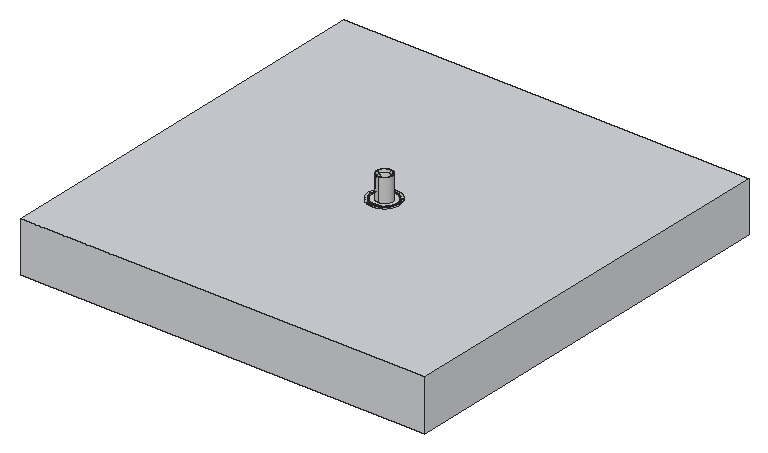
Revit family "LAMP_HANCE DOWNLIGHT SEMIRECESSED MEDIUM FLOOD 3000_4000", category Modelos genéricos, Revit 2015
Parameters (values of type "2744LM 4000K 3000 BLACK")
  Weight = 1.54 kg
  Aro 3000/4000 = yes
  Aro 1000/2000 = no
  Type = "COB PHILIPS"
  Tilting [instance] = if(Tilt < 0.00°, 180.00°, if(Tilt > 85.00°, 265.00°, Tilt + 180.00°))  # 180.00°
  Tilt [instance] = 0.00°
  Recessed diameter = 175 mm
  Protection rating = "IP20"
  Product datasheet = "http://www.lamp.es/product-files/TECH/HD1SR30MF840NBB-EN.pdf"
  Product code = "HD1SR30MF840NBB"
  Product URL = "https://www.lamp.es/en/family/hance-downlight_196363"
  Power Supply = "220-240V 50/60Hz"
  Power = 25 W
  Plum = 27.8 W
  Photometric web file = Cuerpo Hance BASE (tilting)_MF : 2744LM 4000K 3000 BLACK
  Modelo = Product code  # "HD1SR30MF840NBB"
  Model explanation = "Availability of tilting between 0º and 85º when placed in a project."
  Material interior aro = LAMP_Aluminio Hance Negro
  Material aro = LAMP_Aluminio Hance Negro
  Manufacturer name = "LAMP"
  Manufacturer country = "Spain"
  Manufacturer URL = "http://www.lamp.es/en"
  MacAdam = "3"
  Luminaire type = "Indoor - Recessed downlight"
  Last update = "22/11/2019"
  Lamp = "COB LED"
  LED Lifetime = "50.000 L80 B10"
  Insulation class = "II"
  Installation instructions = "https://www.lamp.es/product-files/INS/1004410-B-INSTR.%20DE%20MONTAJE%20HANCE%20DOWNLIGHT.pdf"
  Initial intensity = 2744 lm
  Initial color = 4000 K
  IEE = "A+"
  Gear = "Electronic"
  Finish = "Texturised black RAL 9011"
  Fabricante = Manufacturer name  # "LAMP"
  Default Elevation = 1219.2 mm
  Efficacy = 98.71 lm/W
  Radio aro exterior = 49 mm
  Diameter = 188 mm
  Descripción = "HANCE DOWN SEMIREC 3000 NW MFL BK."
  Decorative ring [instance] = Aro decorativo 3000_4000 (tilting) : Black
  Comentarios de tipo = Model explanation  # "Availability of tilting between 0º and 85º when placed in a project."
  CRI = "80"
  Altura modulos = 145 mm
Types (8, lengths in mm): name | Product datasheet | Product code | Power | Plum | Photometric web file | Modelo | Material aro | Initial intensity | Initial color | Finish | Efficacy | Descripción
  2744LM 4000K 3000 BLACK | "http://www.lamp.es/product-files/TECH/HD1SR30MF840NBB-EN.pdf" | "HD1SR30MF840NBB" | 25 W | 27.8 W | Cuerpo Hance BASE (tilting)_MF : 2744LM 4000K 3000 BLACK | "HD1SR30MF840NBB" | LAMP_Aluminio Hance Negro | 2744 lm | 4000 K | "Texturised black RAL 9011" | 98.71 lm/W | "HANCE DOWN SEMIREC 3000 NW MFL BK."
  2744LM 4000K 3000 WHITE | "http://www.lamp.es/product-files/TECH/HD1SR30MF840NBW-EN.pdf" | "HD1SR30MF840NBW" | 25 W | 27.8 W | Cuerpo Hance BASE (tilting)_MF : 2744LM 4000K 3000 WHITE | "HD1SR30MF840NBW" | LAMP_Aluminio Hance Blanco | 2744 lm | 4000 K | "Texturised white RAL 9010" | 98.71 lm/W | "HANCE DOWN SEMIREC 3000 NW MFL WH."
  2816LM 3000K 3000 BLACK | "http://www.lamp.es/product-files/TECH/HD1SR30MF830NBB-EN.pdf" | "HD1SR30MF830NBB" | 25 W | 28.2 W | Cuerpo Hance BASE (tilting)_MF : 2816LM 3000K 3000 BLACK | "HD1SR30MF830NBB" | LAMP_Aluminio Hance Negro | 2816 lm | 3000 K | "Texturised black RAL 9011" | 99.85 lm/W | "HANCE DOWN SEMIREC 3000 WW MFL BK."
  2816LM 3000K 3000 WHITE | "http://www.lamp.es/product-files/TECH/HD1SR30MF830NBW-EN.pdf" | "HD1SR30MF830NBW" | 25 W | 28.2 W | Cuerpo Hance BASE (tilting)_MF : 2816LM 3000K 3000 WHITE | "HD1SR30MF830NBW" | LAMP_Aluminio Hance Blanco | 2816 lm | 3000 K | "Texturised white RAL 9010" | 99.85 lm/W | "HANCE DOWN SEMIREC 3000 WW MFL WH."
  3724LM 4000K 4000 BLACK | "http://www.lamp.es/product-files/TECH/HD1SR40MF830NBB-EN.pdf" | "HD1SR40MF830NBB" | 34 W | 37.6 W | Cuerpo Hance BASE (tilting)_MF : 3724LM 3000K 4000 BLACK | "HD1SR40MF830NBB" | LAMP_Aluminio Hance Negro | 3724 lm | 3000 K | "Texturised black RAL 9011" | 99.05 lm/W | "HANCE DOWN SEMIREC 4000 WW MFL BK."
  3724LM 4000K 4000 WHITE | "http://www.lamp.es/product-files/TECH/HD1SR40MF830NBW-EN.pdf" | "HD1SR40MF830NBW" | 34 W | 37.6 W | Cuerpo Hance BASE (tilting)_MF : 3724LM 3000K 4000 WHITE | "HD1SR40MF830NBW" | LAMP_Aluminio Hance Blanco | 3724 lm | 3000 K | "Texturised white RAL 9010" | 99.05 lm/W | "HANCE DOWN SEMIREC 4000 WW MFL WH."
  3875LM 3000K 4000 BLACK | "http://www.lamp.es/product-files/TECH/HD1SR40MF840NBB-EN.pdf" | "HD1SR40MF840NBB" | 34 W | 37.6 W | Cuerpo Hance BASE (tilting)_MF : 3875LM 4000K 4000 BLACK | "HD1SR40MF840NBB" | LAMP_Aluminio Hance Negro | 3875 lm | 4000 K | "Texturised black RAL 9011" | 103.06 lm/W | "HANCE DOWN SEMIREC 4000 NW MFL BK."
  3875LM 3000K 4000 WHITE | "http://www.lamp.es/product-files/TECH/HD1SR40MF840NBW-EN.pdf" | "HD1SR40MF840NBW" | 34 W | 37.6 W | Cuerpo Hance BASE (tilting)_MF : 3875LM 4000K 4000 WHITE | "HD1SR40MF840NBW" | LAMP_Aluminio Hance Blanco | 3875 lm | 4000 K | "Texturised white RAL 9010" | 103.06 lm/W | "HANCE DOWN SEMIREC 4000 NW MFL WH."
Reference planes
  plane 1 "Centro (Frontal/Posterior)": y = 0
  plane 2: z = 0
  plane 3 "Centro (Izquierda/Derecha)": x = 0
Forms (mm)
  Extrusion 1, solid
    sketch origin (0, 0, 0) x (1, 0, 0) y (0, 1, 0)
      loop
        line (-1219.2, 1219.2) -> (-1219.2, -1219.2) -> (1219.2, -1219.2) -> (1219.2, 1219.2) -> (-1219.2, 1219.2)
    from 0 to -304.8
  Revolve 2, solid, material "LAMP_Aluminio Hance Negro" <- "Material aro"
    sketch origin (0, 0, 0) x (1, 0, 0) y (0, 0, 1)
      loop
        line (94, 0) -> (94, 1) -> (79.1, 1) -> (79.1, -38.896) -> (87.1, -38.896) -> (87.1, -37.896) -> (81.6, -37.896) -> (81.6, 0) -> (94, 0)
      axis (0, 1) -> (0, -38.896)
    angle from 0 to 360
  Revolve 3, solid, material "LAMP_Aluminio Hance Negro" <- "Material interior aro", visible <- "Aro 3000/4000"
    sketch origin (0, 0, 0) x (1, 0, 0) y (0, 0, 1)
      loop
        arc (74.724, -0.646) -> (74.448, -1.016) -> (74.348, -1.466) r 1.1
        arc (74.348, -1.466) -> (72.204, -17.889) -> (66.127, -33.297) r 67.535
        arc (66.127, -33.297) -> (65.772, -33.665) -> (65.28, -33.8) r 0.965
        line (65.28, -33.8) -> (0, -33.8) -> (0, -34.8) -> (65.28, -34.8)
        arc (65.28, -34.8) -> (65.772, -34.665) -> (66.127, -34.297) r 0.965
        arc (66.127, -34.297) -> (72.204, -18.889) -> (74.348, -2.466) r 67.535
        arc (74.348, -2.466) -> (74.448, -2.016) -> (74.724, -1.646) r 1.1
        arc (74.724, -1.646) -> (76.762, -0.425) -> (79.1, 0) r 6.641
        line (79.1, 0) -> (79.1, 1)
        arc (79.1, 1) -> (76.762, 0.575) -> (74.724, -0.646) r 6.641
      axis (0, 1) -> (0, -34.8)
    angle from 0 to 360
  Extrusion 4, void
    sketch origin (0, 0, 0) x (1, 0, 0) y (0, 1, 0)
      loop
        line (22.671, 46.054) -> (-22.668, 46.054)
        arc (-22.668, 46.054) -> (-69.098, -0.376) -> (-22.668, -46.807) r 46.43
        line (-22.668, -46.807) -> (22.671, -46.807)
        arc (22.671, -46.807) -> (69.102, -0.376) -> (22.671, 46.054) r 46.43
    from -196.113 to 250
Cuts and joins
  Extrusion 4 cuts Revolve 3
Text (mm)
  text "Any modification of the parameters and properties of the LAMP BIM models must be executed and validated by the LAMP technical department.\n\nPhone: +34 93 736 68 00\n\nE-mail: lamp@lamp.es\n\n\n\nLAMP reserves the right to modify the technical specifications of its products." at (39771.841, -40794.867, 40621.237), in view "Preview"
Dimensions and locks
  aligned and locked: plane 2 to Extrusion 1
  aligned and locked: level to Extrusion 1
Nested families
  nested 1: "Aro decorativo 3000_4000 (tilting)" at (0, 0, 66.118) x (1, 0, 0) z (0, 0, -1), type <- "Decorative ring", type "Black"
    with Tilting 180.00°
  nested 2: "Cuerpo Hance BASE (tilting)_MF" at (0, 1.967, 45.838), type <- "Photometric web file", type "2744LM 4000K 3000 BLACK"
    with Tilting 180.00°
Definition of nested family "Aro decorativo 3000_4000 (tilting)"
  Parameters (values of type "Black")
    Weight (3000/4000) = 0.016 kg
    Weight (1000/2000) = 0.01 kg
    Tilting = 0.00°
    Product datasheet = ""
    Product code (3000/4000) = "HSRI90C"
    Product code (1000/2000) = "HSRI65C"
    Product URL = ""
    Model = ""
    Material aro = none
    Manufacturer name = "LAMP"
    Manufacturer country = "Spain"
    Manufacturer URL = "http://www.lamp.es/en"
    Longitud = 42.5 mm
    Last update = "21/05/2018"
    Installation instructions = ""
    Finish = "Metalized matt copper"
    Manufacturer = Manufacturer name  # "LAMP"
    Default Elevation = 1219.2 mm
    Diameter (3000/4000) = 90 mm
    Diameter (1000/2000) = 65 mm
    Description = ""
    Accessory Type = "Optic"
    3000/4000 Model = "HSRI90C"
    3000/4000 Description = "HANCE 3000/4000 ACC. RING DECO CO."
    1000/2000 Model = "HSRI65C"
    1000/2000 Description = "HANCE 1000/2000 ACC. RING DECO CO."
  Types (5, lengths in mm): name | Product code (3000/4000) | Product code (1000/2000) | Finish | 3000/4000 Model | 3000/4000 Description | 1000/2000 Model | 1000/2000 Description
    (no name) | "HSRI90C" | "HSRI65C" | "Metalized matt copper" | "HSRI90C" | "HANCE 3000/4000 ACC. RING DECO CO." | "HSRI65C" | "HANCE 1000/2000 ACC. RING DECO CO."
    Black | "HSRI90C" | "HSRI65C" | "Metalized matt copper" | "HSRI90C" | "HANCE 3000/4000 ACC. RING DECO CO." | "HSRI65C" | "HANCE 1000/2000 ACC. RING DECO CO."
    Copper | "HSRI90C" | "HSRI65C" | "Metalized matt copper" | "HSRI90C" | "HANCE 3000/4000 ACC. RING DECO CO." | "HSRI65C" | "HANCE 1000/2000 ACC. RING DECO CO."
    Grey | "HSRI90M" | "HSRI65M" | "Metalized matt silver" | "HSRI90M" | "HANCE 3000/4000 ACC. RING DECO MET." | "HSRI65M" | "HANCE 1000/2000 ACC. RING DECO MET."
    White | "HSRI90W" | "HSRI65W" | "Matt White" | "HSRI90W" | "HANCE 3000/4000 ACC. RING DECO WH." | "HSRI65W" | "HANCE 1000/2000 ACC. RING DECO WH."
  Reference planes
    plane 1 "Centro (Frontal/Posterior)": y = 0
    plane 2: z = 0
    plane 3 "Centro (Izquierda/Derecha)": x = 0
  Lines and regions (mm)
    reference lines
      curve 1: line (0, 0, 0) -> (0, 0, 80.8)
    model lines
      curve 2: line (68.747, 0, 0) -> (69.9, 0, 0)
  Text (mm)
    text "Any modification of the parameters and properties of the LAMP BIM models must be executed and validated by the LAMP technical department.\n\nPhone: +34 93 736 68 00\n\nE-mail: lamp@lamp.es\n\n\n\nLAMP reserves the right to modify the technical specifications of its products." at (86527.204, -96597.187, 50741.736), in view "Preview"
  Dimensions and locks
    "Tilting": angle curve 1 to plane 3 "Centro (Izquierda/Derecha)"
    aligned and locked: level to plane 2
    aligned and locked: plane 3 "Centro (Izquierda/Derecha)" to curve 1
    aligned and locked: plane 2 to curve 1
  Automatic sketch dimensions
    curve 2 to level = 0 mm
    plane 3 "Centro (Izquierda/Derecha)" to curve 2 = 68.747 mm
    curve 2 to curve 2 = 1.153 mm
  Nested families
    nested 1: "Aro decorativo 3000_4000" at (-27.9, 0, 17.2) x (0, 0, 1) z (-1, 0, 0), type "Copper"
  Definition of nested family "Aro decorativo 3000_4000"
    Parameters (values of type "Black")
      Weight (3000/4000) = 0.016 kg
      Weight (1000/2000) = 0.01 kg
      Product datasheet = ""
      Product code (3000/4000) = "HSRI90C"
      Product code (1000/2000) = "HSRI65C"
      Product URL = ""
      Model = ""
      Material aro = none
      Manufacturer name = "LAMP"
      Manufacturer country = "Spain"
      Manufacturer URL = "http://www.lamp.es/en"
      Longitud = 42.5 mm
      Last update = "21/05/2018"
      Installation instructions = ""
      Finish = "Metalized matt copper"
      Manufacturer = Manufacturer name  # "LAMP"
      Default Elevation = 1219.2 mm
      Diametro vaciado aro interior = if(Diametro aro interior = 35.4 mm, 34.4 mm, 21.9 mm)  # 34.4 mm
      Diametro vaciado aro exterior = if(Diametro aro exterior = 42.9 mm, 41.9 mm, 29.4 mm)  # 41.9 mm
      Diametro aro interior = if(Diametro aro exterior = 42.9 mm, 35.4 mm, 22.9 mm)  # 35.4 mm
      Diametro aro exterior = if(Longitud = 42.5 mm, 42.9 mm, 30.4 mm)  # 42.9 mm
      Diameter (3000/4000) = 90 mm
      Diameter (1000/2000) = 65 mm
      Description = ""
      Accessory Type = "Optic"
      3000/4000 Model = "HSRI90C"
      3000/4000 Description = "HANCE 3000/4000 ACC. RING DECO CO."
      1000/2000 Description = "HANCE 1000/2000 ACC. RING DECO CO."
      1000/2000 Model = "HSRI65C"
    Types (4, lengths in mm): name | Manufacturer URL
      Black | "http://www.lamp.es/en"
      Copper | "http://www.lamp.es/en"
      Grey | "http://www.lamp.es/en"
      White | ""
    Reference planes
      plane 1 "Centro (Frontal/Posterior)": y = 0
      plane 2: z = 0
      plane 3 "Centro (Izquierda/Derecha)": x = 0
    Forms (mm)
      Revolve 1, solid, material <- "Material aro"
        sketch origin (0, 0, -27.9) x (1, 0, 0) y (0, 0, 1)
          loop
            line (42.5, 0) -> (52.682, 0) -> (52.682, 42.9) -> (42.5, 35.4) -> (42.5, 0)
          axis (52.682, 0) -> (42.5, 0)
        angle from 0 to 360
      Revolve 2, void
        sketch origin (0, 0, -27.9) x (1, 0, 0) y (0, 0, 1)
          loop
            line (52.682, 41.9) -> (42.5, 34.4) -> (42.5, 0) -> (52.682, 0) -> (52.682, 41.9)
          axis (42.5, 0) -> (52.682, 0)
        angle from 0 to 360
    Cuts and joins
      Revolve 2 cuts Revolve 1
    Lines and regions (mm)
      reference lines
        curve 1: line (0, 0, -27.9) -> (42.5, 0, -27.9)
    Text (mm)
      text "Any modification of the parameters and properties of the LAMP BIM models must be executed and validated by the LAMP technical department.\n\nPhone: +34 93 736 68 00\n\nE-mail: lamp@lamp.es\n\n\n\nLAMP reserves the right to modify the technical specifications of its products." at (91886.357, -93022.329, 47898.266), in view "Preview"
    Dimensions and locks
      "Diametro aro exterior": Revolve 1 sketch curve to Revolve 1 sketch curve
      "Diametro vaciado aro exterior": Revolve 2 sketch curve to Revolve 2 sketch curve
      "Longitud": curve 1 to plane 3 "Centro (Izquierda/Derecha)"
      "Diametro aro interior": Revolve 1 sketch curve to Revolve 1 sketch curve
      "Diametro vaciado aro interior": Revolve 2 sketch curve to Revolve 2 sketch curve
      aligned and locked: level to plane 2
    Automatic sketch dimensions
      Revolve 1 sketch curve to curve 1 = 0 mm  (x4)
      curve 1 to Revolve 1 sketch curve = 10.182 mm
      Revolve 1 sketch curve to Revolve 1 sketch curve = 0 mm
      Revolve 2 sketch curve to curve 1 = 0 mm  (x3)
      curve 1 to Revolve 2 sketch curve = 10.182 mm
      Revolve 2 sketch curve to curve 1 = 1261.008 mm
      Revolve 2 sketch curve to Revolve 2 sketch curve = 1898.983 mm
      curve 1 to plane 3 "Centro (Izquierda/Derecha)" = 0 mm
      curve 1 to level = 27.9 mm
Definition of nested family "Cuerpo Hance BASE (tilting)_MF"
  Parameters (values of type "740LM 4000K 1000 BLACK")
    Tilting = 90.00°
    Photometric web file = Cuerpo Hance BASE_MF : 740LM 4000K 1000 BLACK
    Default Elevation = 1219.2 mm
  Types (17, lengths in mm): name | Photometric web file
    (no name) | Cuerpo Hance BASE_MF : 740LM 4000K 1000 BLACK
    740LM 4000K 1000 BLACK | Cuerpo Hance BASE_MF : 740LM 4000K 1000 BLACK
    740LM 4000K 1000 WHITE | Cuerpo Hance BASE_MF : 740LM 4000K 1000 WHITE
    806LM 3000K 1000 BLACK | Cuerpo Hance BASE_MF : 806LM 3000K 1000 BLACK
    806LM 3000K 1000 WHITE | Cuerpo Hance BASE_MF : 806LM 3000K 1000 WHITE
    1606LM 4000K 2000 BLACK | Cuerpo Hance BASE_MF : 1606LM 4000K 2000 BLACK
    1606LM 4000K 2000 WHITE | Cuerpo Hance BASE_MF : 1606LM 4000K 2000 WHITE
    1760LM 3000K 2000 BLACK | Cuerpo Hance BASE_MF : 1760LM 3000K 2000 BLACK
    1760LM 3000K 2000 WHITE | Cuerpo Hance BASE_MF : 1760LM 3000K 2000 WHITE
    2744LM 4000K 3000 BLACK | Cuerpo Hance BASE_MF : 2744LM 4000K 3000 BLACK
    2744LM 4000K 3000 WHITE | Cuerpo Hance BASE_MF : 2744LM 4000K 3000 WHITE
    2816LM 3000K 3000 BLACK | Cuerpo Hance BASE_MF : 2816LM 3000K 3000 BLACK
    2816LM 3000K 3000 WHITE | Cuerpo Hance BASE_MF : 2816LM 3000K 3000 WHITE
    3724LM 3000K 4000 BLACK | Cuerpo Hance BASE_MF : 3724LM 3000K 4000 BLACK
    3724LM 3000K 4000 WHITE | Cuerpo Hance BASE_MF : 3724LM 3000K 4000 WHITE
    3875LM 4000K 4000 BLACK | Cuerpo Hance BASE_MF : 3875LM 4000K 4000 BLACK
    3875LM 4000K 4000 WHITE | Cuerpo Hance BASE_MF : 3875LM 4000K 4000 WHITE
  Reference planes
    plane 1 "Centro (Frontal/Posterior)": y = 0
    plane 2: z = 0
    plane 3 "Centro (Izquierda/Derecha)": x = 0
  Lines and regions (mm)
    reference lines
      curve 1: line (0, 0, 0) -> (200, 0, 0)
  Dimensions and locks
    "Tilting": angle plane 3 "Centro (Izquierda/Derecha)" to curve 1
    aligned and locked: level to plane 2
    aligned and locked: plane 3 "Centro (Izquierda/Derecha)" to curve 1
    aligned and locked: plane 2 to curve 1
  Nested families
    nested 1: "Cuerpo Hance BASE_MF" at (-12.838, -1.967, 27.875), type <- "Photometric web file", type "740LM 4000K 1000 BLACK"
  Definition of nested family "Cuerpo Hance BASE_MF"
    Parameters (values of type "740LM 4000K 1000 BLACK")
      Tilt Angle = 90.00° + Tilting  # 180.00°
      Wattage = 7.6 W
      Tilting = 90.00°
      built-in parameter 1150107 = 4000 (stored number, unit not read)
      Radio vacio posterior = Radio cuerpo - 2.2 mm  # 30.3 mm
      Radio vaciado = Radio cuerpo - 1.5 mm  # 31 mm
      Radio cuerpo = if(Longitud cuerpo = 145 mm, 45 mm, 32.5 mm)  # 32.5 mm
      built-in parameter 1150110 = 1 (stored number, unit not read)
      built-in parameter 1150109 = 1 (stored number, unit not read)
      built-in parameter 1150112 = 1 (stored number, unit not read)
      built-in parameter 1150113 = 1 (stored number, unit not read)
      built-in parameter 1114218 = 1 (stored number, unit not read)
      built-in parameter 1150137 = (empty or 0)
      built-in parameter 1150132 = 2
      Material reflector = none
      Material cuerpo = none
      Material COB = none
      Longitud cuerpo = 100 mm
      Long. origen luz = if(Longitud cuerpo = 100 mm, 20 mm, if(Longitud cuerpo = 170 mm, 55 mm, 90 mm))  # 20 mm
      L_3 = if(Ancho disipador posterior = 80.4 mm, 39.6 mm, 12 mm)  # 12 mm
      L_2 = if(Ancho disipador posterior = 80.4 mm, 36.3 mm, 22.6 mm)  # 22.6 mm
      L_1 = if(Ancho disipador posterior = 80.4 mm, 36.8 mm, 25.4 mm)  # 25.4 mm
      built-in parameter 1150105 = 2444 (stored number, unit not read)
      built-in parameter 1150102 = (empty or 0)
      built-in parameter 1150106 = 24.44 (stored number, unit not read)
      Lumens = 740.012 lm
      Color Filter = 16777215
      built-in parameter 1114217 = 1 (stored number, unit not read)
      built-in parameter 1150139 = (empty or 0)
      Default Elevation = 1219.2 mm
      built-in parameter 1150104 = 9.046 (stored number, unit not read)
      Diametro aro = if(Radio cuerpo = 45 mm, 42.9 mm, 30.4 mm)  # 30.4 mm
      built-in parameter 1150115 = 1 (stored number, unit not read)
      built-in parameter 1150114 = 1 (stored number, unit not read)
      built-in parameter 1150138 = (empty or 0)
      built-in parameter 1150134 = 12
      Dimming Lamp Color Temperature Shift = (empty or 0)
      Photometric Web File = "HD1RE10MF840NBB.IES"
      Ancho vaciado reflector = if(Radio cuerpo = 45 mm, 34.4 mm, 21.9 mm)  # 21.9 mm
      Ancho reflector = if(Radio cuerpo = 45 mm, 35.4 mm, 22.9 mm)  # 22.9 mm
      Ancho disipador posterior = if(Radio cuerpo = 32.5 mm, 53 mm, 80.4 mm)  # 53 mm
      built-in parameter 1150133 = 10 (stored number, unit not read)
      Altura disipador superior = if(Radio cuerpo = 45 mm, 23.9 mm, 36.9 mm)  # 36.9 mm
      Ancho disipador superior = if(Radio cuerpo = 45 mm, 28 mm, 22.6 mm)  # 22.6 mm
    Types (16, lengths in mm): name | Wattage | built-in parameter 1150107 | Radio vacio posterior | Radio vaciado | Radio cuerpo | Longitud cuerpo | Long. origen luz | L_3 | L_2 | L_1 | built-in parameter 1150105 | built-in parameter 1150106 | Lumens | built-in parameter 1150104 | Diametro aro | built-in parameter 1150134 | Photometric Web File | Ancho vaciado reflector | Ancho reflector | Ancho disipador posterior | Altura disipador superior | Ancho disipador superior
      740LM 4000K 1000 BLACK | 7.6 W | 4000 (stored number, unit not read) | 30.3 | 31 | 32.5 | 100 | 20 | 12 | 22.6 | 25.4 | 2444 (stored number, unit not read) | 24.44 (stored number, unit not read) | 740.012 lm | 9.046 (stored number, unit not read) | 30.4 | 12 | "HD1RE10MF840NBB.IES" | 21.9 | 22.9 | 53 | 36.9 | 22.6
      740LM 4000K 1000 WHITE | 7.6 W | 4000 (stored number, unit not read) | 30.3 | 31 | 32.5 | 100 | 20 | 12 | 22.6 | 25.4 | 2444 (stored number, unit not read) | 24.44 (stored number, unit not read) | 740.012 lm | 9.046 (stored number, unit not read) | 30.4 | 12 | "HD1RE10MF840NBW.IES" | 21.9 | 22.9 | 53 | 36.9 | 22.6
      806LM 3000K 1000 BLACK | 7.7 W | 3000 (stored number, unit not read) | 30.3 | 31 | 32.5 | 100 | 20 | 12 | 22.6 | 25.4 | 2662.5 (stored number, unit not read) | 26.625 (stored number, unit not read) | 806.19 lm | 9.7269 (stored number, unit not read) | 30.4 | (empty or 0) | "HD1RE10MF830NBB.IES" | 21.9 | 22.9 | 53 | 36.9 | 22.6
      806LM 3000K 1000 WHITE | 7.7 W | 3000 (stored number, unit not read) | 30.3 | 31 | 32.5 | 100 | 20 | 12 | 22.6 | 25.4 | 2662.5 (stored number, unit not read) | 26.625 (stored number, unit not read) | 806.19 lm | 9.7269 (stored number, unit not read) | 30.4 | (empty or 0) | "HD1RE10MF830NBW.IES" | 21.9 | 22.9 | 53 | 36.9 | 22.6
      1606LM 4000K 2000 BLACK | 20.6 W | 4000 (stored number, unit not read) | 30.3 | 31 | 32.5 | 100 | 20 | 12 | 22.6 | 25.4 | 5303.9 (stored number, unit not read) | 53.039 (stored number, unit not read) | 1605.98 lm | 7.2427 (stored number, unit not read) | 30.4 | 12 | "HD1RE20MF840NBB.IES" | 21.9 | 22.9 | 53 | 36.9 | 22.6
      1606LM 4000K 2000 WHITE | 20.6 W | 4000 (stored number, unit not read) | 30.3 | 31 | 32.5 | 100 | 20 | 12 | 22.6 | 25.4 | 5303.9 (stored number, unit not read) | 53.039 (stored number, unit not read) | 1605.98 lm | 7.2427 (stored number, unit not read) | 30.4 | 12 | "HD1RE20MF840NBW.IES" | 21.9 | 22.9 | 53 | 36.9 | 22.6
      1760LM 3000K 2000 BLACK | 20.7 W | 3000 (stored number, unit not read) | 30.3 | 31 | 32.5 | 100 | 20 | 12 | 22.6 | 25.4 | 5818.7 (stored number, unit not read) | 58.187 (stored number, unit not read) | 1759.71 lm | 7.8977 (stored number, unit not read) | 30.4 | (empty or 0) | "HD1RE20MF830NBB.IES" | 21.9 | 22.9 | 53 | 36.9 | 22.6
      1760LM 3000K 2000 WHITE | 20.7 W | 3000 (stored number, unit not read) | 30.3 | 31 | 32.5 | 100 | 20 | 12 | 22.6 | 25.4 | 5818.7 (stored number, unit not read) | 58.187 (stored number, unit not read) | 1759.71 lm | 7.8977 (stored number, unit not read) | 30.4 | (empty or 0) | "HD1RE20MF830NBW.IES" | 21.9 | 22.9 | 53 | 36.9 | 22.6
      2744LM 4000K 3000 BLACK | 27.8 W | 4000 (stored number, unit not read) | 42.8 | 43.5 | 45 | 145 | 90 | 39.6 | 36.3 | 36.8 | 9073.9 (stored number, unit not read) | 90.739 (stored number, unit not read) | 2744.14 lm | 9.1705 (stored number, unit not read) | 42.9 | 12 | "HD1RE30MF840NBB.IES" | 34.4 | 35.4 | 80.4 | 23.9 | 28
      2744LM 4000K 3000 WHITE | 27.8 W | 4000 (stored number, unit not read) | 42.8 | 43.5 | 45 | 145 | 90 | 39.6 | 36.3 | 36.8 | 9073.9 (stored number, unit not read) | 90.739 (stored number, unit not read) | 2744.14 lm | 9.1705 (stored number, unit not read) | 42.9 | 12 | "HD1RE30MF840NBW.IES" | 34.4 | 35.4 | 80.4 | 23.9 | 28
      2816LM 3000K 3000 BLACK | 28.2 W | 3000 (stored number, unit not read) | 42.8 | 43.5 | 45 | 145 | 90 | 39.6 | 36.3 | 36.8 | 12461.1 (stored number, unit not read) | 124.61 (stored number, unit not read) | 2815.77 lm | 9.2764 (stored number, unit not read) | 42.9 | (empty or 0) | "HD1RE30MF830NBB.IES" | 34.4 | 35.4 | 80.4 | 23.9 | 28
      2816LM 3000K 3000 WHITE | 28.2 W | 3000 (stored number, unit not read) | 42.8 | 43.5 | 45 | 145 | 90 | 39.6 | 36.3 | 36.8 | 12461.1 (stored number, unit not read) | 124.61 (stored number, unit not read) | 2815.77 lm | 9.2764 (stored number, unit not read) | 42.9 | (empty or 0) | "HD1RE30MF830NBW.IES" | 34.4 | 35.4 | 80.4 | 23.9 | 28
      3724LM 3000K 4000 BLACK | 37.6 W | 3000 (stored number, unit not read) | 42.8 | 43.5 | 45 | 145 | 90 | 39.6 | 36.3 | 36.8 | 16481.7 (stored number, unit not read) | 164.82 (stored number, unit not read) | 3724.28 lm | 9.202 (stored number, unit not read) | 42.9 | (empty or 0) | "HD1RE40MF830NBB.IES" | 34.4 | 35.4 | 80.4 | 23.9 | 28
      3724LM 3000K 4000 WHITE | 37.6 W | 3000 (stored number, unit not read) | 42.8 | 43.5 | 45 | 145 | 90 | 39.6 | 36.3 | 36.8 | 16481.7 (stored number, unit not read) | 164.82 (stored number, unit not read) | 3724.28 lm | 9.202 (stored number, unit not read) | 42.9 | (empty or 0) | "HD1RE40MF830NBW.IES" | 34.4 | 35.4 | 80.4 | 23.9 | 28
      3875LM 4000K 4000 BLACK | 37.6 W | 4000 (stored number, unit not read) | 42.8 | 43.5 | 45 | 145 | 90 | 39.6 | 36.3 | 36.8 | 15793 (stored number, unit not read) | 157.93 (stored number, unit not read) | 3875.06 lm | 9.5746 (stored number, unit not read) | 42.9 | 12 | "HD1RE40MF840NBB.IES" | 34.4 | 35.4 | 80.4 | 23.9 | 28
      3875LM 4000K 4000 WHITE | 37.6 W | 4000 (stored number, unit not read) | 42.8 | 43.5 | 45 | 145 | 90 | 39.6 | 36.3 | 36.8 | 15793 (stored number, unit not read) | 157.93 (stored number, unit not read) | 3875.06 lm | 9.5746 (stored number, unit not read) | 42.9 | 12 | "HD1RE40MF840NBW.IES" | 34.4 | 35.4 | 80.4 | 23.9 | 28
    Reference planes
      plane 1 "Centro (Frontal/Posterior)": y = 0
      plane 2: z = 0
      plane 3 "Centro (Izquierda/Derecha)": x = 0
    Forms (mm)
      Extrusion 1, solid, material <- "Material cuerpo"
        sketch origin (0, 0, 0) x (0, -1, 0) y (0, 0, 1)
          loop
            circle (0, -27.875) r 32.5
        from -58 to 42
      Extrusion 2, void
        sketch origin (0, 0, 0) x (0, 1, 0) y (0, 0, 1)
          loop
            line (11.3, 30) -> (-11.3, 30) -> (-11.3, -6.9)
            arc (-11.3, -6.9) -> (0, -7.855) -> (11.3, -6.9) r 67.349
            line (11.3, -6.9) -> (11.3, 30)
        from -42 to 9.4
      Extrusion 3, void
        sketch origin (0, 0, 0) x (0, 1, 0) y (0, 0, 1)
          loop
            circle (0, -27.875) r 30.3
        from -42 to -41
      Extrusion 4, void
        sketch origin (0, 0, 0) x (0, 1, 0) y (0, 0, 1)
          loop
            line (26.5, -26.291) -> (-26.5, -26.291)
            arc (-26.5, -26.291) -> (-27.7, -27.491) -> (-26.5, -28.691) r 1.2
            line (-26.5, -28.691) -> (26.5, -28.691)
            arc (26.5, -28.691) -> (27.7, -27.491) -> (26.5, -26.291) r 1.2
          loop
            line (26.115, -30.891) -> (-26.115, -30.891)
            arc (-26.115, -30.891) -> (-27.315, -32.091) -> (-26.115, -33.291) r 1.2
            line (-26.115, -33.291) -> (26.115, -33.291)
            arc (26.115, -33.291) -> (27.315, -32.091) -> (26.115, -30.891) r 1.2
          loop
            line (25.4, -35.55) -> (-24.915, -35.55)
            arc (-24.915, -35.55) -> (-26.115, -36.75) -> (-24.915, -37.95) r 1.2
            line (-24.915, -37.95) -> (25.4, -37.95)
            arc (25.4, -37.95) -> (26.6, -36.75) -> (25.4, -35.55) r 1.2
          loop
            line (22.6, -40.091) -> (-22.64, -40.091)
            arc (-22.64, -40.091) -> (-23.84, -41.291) -> (-22.64, -42.491) r 1.2
            line (-22.64, -42.491) -> (22.6, -42.491)
            arc (22.6, -42.491) -> (23.8, -41.291) -> (22.6, -40.091) r 1.2
          loop
            line (19.043, -44.691) -> (-19.086, -44.691)
            arc (-19.086, -44.691) -> (-20.286, -45.891) -> (-19.086, -47.091) r 1.2
            line (-19.086, -47.091) -> (19.043, -47.091)
            arc (19.043, -47.091) -> (20.243, -45.891) -> (19.043, -44.691) r 1.2
          loop
            line (15.357, -49.291) -> (-15.5, -49.291)
            arc (-15.5, -49.291) -> (-16.6, -50.391) -> (-15.5, -51.491) r 1.1
            line (-15.5, -51.491) -> (15.357, -51.491)
            arc (15.357, -51.491) -> (16.457, -50.391) -> (15.357, -49.291) r 1.1
          loop
            line (6, -53.691) -> (-6, -53.691)
            arc (-6, -53.691) -> (-7.1, -54.791) -> (-6, -55.891) r 1.1
            line (-6, -55.891) -> (6, -55.891)
            arc (6, -55.891) -> (7.1, -54.791) -> (6, -53.691) r 1.1
        from -42 to -38.7
      Extrusion 5, void
        sketch origin (0, 0, 0) x (-1, 0, 0) y (0, -1, 0)
          loop
            line (37.7, -9.12) -> (37.7, 9.12)
            arc (37.7, 9.12) -> (36.6, 10.22) -> (35.5, 9.12) r 1.1
            line (35.5, 9.12) -> (35.5, -9.12)
            arc (35.5, -9.12) -> (36.6, -10.22) -> (37.7, -9.12) r 1.1
          loop
            line (28.9, -9.12) -> (28.9, 9.12)
            arc (28.9, 9.12) -> (27.8, 10.22) -> (26.7, 9.12) r 1.1
            line (26.7, 9.12) -> (26.7, -9.12)
            arc (26.7, -9.12) -> (27.8, -10.22) -> (28.9, -9.12) r 1.1
          loop
            line (20.1, -9.12) -> (20.1, 9.12)
            arc (20.1, 9.12) -> (19, 10.22) -> (17.9, 9.12) r 1.1
            line (17.9, 9.12) -> (17.9, -9.12)
            arc (17.9, -9.12) -> (19, -10.22) -> (20.1, -9.12) r 1.1
        from -51.491 to 30
      Extrusion 6, void
        sketch origin (0, 0, 0) x (-1, 0, 0) y (0, -1, 0)
          loop
            line (33.3, -9.12) -> (33.3, 9.12)
            arc (33.3, 9.12) -> (32.2, 10.22) -> (31.1, 9.12) r 1.1
            line (31.1, 9.12) -> (31.1, -9.12)
            arc (31.1, -9.12) -> (32.2, -10.22) -> (33.3, -9.12) r 1.1
          loop
            line (24.5, -9.12) -> (24.5, 9.12)
            arc (24.5, 9.12) -> (23.4, 10.22) -> (22.3, 9.12) r 1.1
            line (22.3, 9.12) -> (22.3, -9.12)
            arc (22.3, -9.12) -> (23.4, -10.22) -> (24.5, -9.12) r 1.1
        from -8.232 to 30
      Extrusion 7, void
        sketch origin (0, 0, 0) x (0, 1, 0) y (0, 0, 1)
          loop
            circle (0, -27.875) r 31
        from 17.213 to 58
      Revolve 8, solid, material <- "Material reflector"
        sketch origin (0, 0, 0) x (1, 0, 0) y (0, 0, 1)
          loop
            line (25.5, -27.875) -> (45.818, -27.875) -> (45.818, -4.975) -> (25.5, -19.875) -> (25.5, -27.875)
          axis (25.5, -27.875) -> (45.818, -27.875)
        angle from 0 to 360
      Revolve 9, void
        sketch origin (0, 0, 0) x (1, 0, 0) y (0, 0, 1)
          loop
            line (45.818, -5.975) -> (26.5, -20.142) -> (25.5, -20.142) -> (25.5, -27.875) -> (26.5, -27.875) -> (45.818, -27.875) -> (45.818, -5.975)
          axis (45.818, -27.875) -> (25.5, -27.875)
        angle from 0 to 360
      Extrusion 10, solid, material <- "Material COB"
        sketch origin (0, 0, 0) x (0, -1, 0) y (0, 0, 1)
          loop
            circle (0, -27.875) r 7.733
        from -26.5 to -25.5
    Cuts and joins
      Extrusion 2, Extrusion 3, Extrusion 4, Extrusion 5, Extrusion 6, Extrusion 7 cuts Extrusion 1
      Revolve 9 cuts Revolve 8
    Lines and regions (mm)
      reference lines
        curve 1: line (0, 0, 0) -> (178.042, 0, 0)
        curve 2: line (93, 0, -27.875) -> (113, 0, -27.875)
        curve 3: line (0, 0, 0) -> (0, 0, -75)
        curve 4: line (93, 0, -22.875) -> (93, 0, -32.875)
    Text (mm)
      text "Any modification of the parameters and properties of the LAMP BIM models must be executed and validated by the LAMP technical department.\n\nPhone: +34 93 736 68 00\n\nE-mail: lamp@lamp.es\n\n\n\nLAMP reserves the right to modify the technical specifications of its products." at (97482.136, -81600.41, 57308.082), in view "Preview"
    Dimensions and locks
      locked: Revolve 9 sketch curve to cut or joined group of Extrusion 1, Extrusion 2, Extrusion 3, Extrusion 4, Extrusion 5, Extrusion 6, Extrusion 7 at 12.182
      "Longitud cuerpo": cut or joined group of Extrusion 1, Extrusion 2, Extrusion 3, Extrusion 4, Extrusion 5, Extrusion 6, Extrusion 7 to cut or joined group of Extrusion 1, Extrusion 2, Extrusion 3, Extrusion 4, Extrusion 5, Extrusion 6, Extrusion 7
      locked: cut or joined group of Extrusion 1, Extrusion 2, Extrusion 3, Extrusion 4, Extrusion 5, Extrusion 6, Extrusion 7 to curve 3 at 42
      locked: cut or joined group of Revolve 8, Revolve 9 to cut or joined group of Extrusion 1, Extrusion 2, Extrusion 3, Extrusion 4, Extrusion 5, Extrusion 6, Extrusion 7 at 12.182
      locked: cut or joined group of Revolve 8, Revolve 9 to cut or joined group of Revolve 8, Revolve 9 at 20.318
      locked: cut or joined group of Extrusion 1, Extrusion 2, Extrusion 3, Extrusion 4, Extrusion 5, Extrusion 6, Extrusion 7 to Extrusion 10 at 31.5
      locked: Extrusion 10 to Extrusion 10 at 1
      "Long. origen luz": curve 4 to curve 2
      equal spacing: Extrusion 4 sketch curve, plane 1 "Centro (Frontal/Posterior)", Extrusion 4 sketch curve  (x2)
      "Ancho disipador posterior": Extrusion 4 sketch curve to Extrusion 4 sketch curve
      "L_1": Extrusion 4 sketch curve to plane 1 "Centro (Frontal/Posterior)"
      "L_2": Extrusion 4 sketch curve to curve 3
      "L_3": Extrusion 4 sketch curve to Extrusion 4 sketch curve
      equal spacing: Extrusion 2 sketch curve, plane 1 "Centro (Frontal/Posterior)", Extrusion 2 sketch curve
      "Ancho disipador superior": Extrusion 2 sketch curve to Extrusion 2 sketch curve
      "Altura disipador superior": Extrusion 2 sketch curve to Extrusion 2 sketch curve
      locked: plane 2 to Extrusion 2 sketch curve at 30
      "Ancho reflector": Revolve 8 sketch curve to imposter light
      "Ancho vaciado reflector": Revolve 9 sketch curve to imposter light
      "Radio cuerpo": radius of Extrusion 1 sketch curve
      "Radio vaciado": radius of Extrusion 7 sketch curve
      "Radio vacio posterior": radius of Extrusion 3 sketch curve
      "Tilting": angle plane 3 "Centro (Izquierda/Derecha)" to curve 1
      aligned and locked: level to plane 2
      aligned and locked: imposter light to curve 2  (x2)
      aligned and locked: cut or joined group of Extrusion 1, Extrusion 2, Extrusion 3, Extrusion 4, Extrusion 5, Extrusion 6, Extrusion 7 to cut or joined group of Extrusion 1, Extrusion 2, Extrusion 3, Extrusion 4, Extrusion 5, Extrusion 6, Extrusion 7
    Automatic sketch dimensions
      curve 1 to Extrusion 5 sketch curve = 17.9 mm
      Extrusion 5 sketch curve to Extrusion 5 sketch curve = 1.1 mm  (x3)
      Extrusion 5 sketch curve to Extrusion 5 sketch curve = 6.6 mm  (x2)
      Extrusion 5 sketch curve to curve 1 = 9.12 mm  (x2)
      Extrusion 5 sketch curve to Extrusion 5 sketch curve = 0 mm  (x3)
      curve 1 to Extrusion 5 sketch curve = 9.12 mm
      curve 1 to Extrusion 6 sketch curve = 22.3 mm
      Extrusion 6 sketch curve to Extrusion 6 sketch curve = 1.1 mm  (x2)
      Extrusion 6 sketch curve to Extrusion 6 sketch curve = 6.6 mm
      Extrusion 6 sketch curve to curve 1 = 9.12 mm
      Extrusion 6 sketch curve to Extrusion 6 sketch curve = 0 mm  (x2)
      curve 1 to Extrusion 6 sketch curve = 9.12 mm
      Extrusion 10 sketch curve to plane 1 "Centro (Frontal/Posterior)" = 0 mm
      Extrusion 1 sketch curve to plane 1 "Centro (Frontal/Posterior)" = 0 mm
      Extrusion 1 sketch curve to level = 27.875 mm
      Extrusion 2 sketch curve to plane 1 "Centro (Frontal/Posterior)" = 0 mm
      Extrusion 2 sketch curve to Extrusion 2 sketch curve = 29.494 mm
      Extrusion 3 sketch curve to plane 1 "Centro (Frontal/Posterior)" = 0 mm
      Extrusion 3 sketch curve to level = 27.875 mm
      Extrusion 4 sketch curve to Extrusion 4 sketch curve = 0.385 mm  (x2)
      Extrusion 4 sketch curve to Extrusion 4 sketch curve = 1.2 mm  (x6)
      Extrusion 4 sketch curve to Extrusion 4 sketch curve = 2.276 mm
      Extrusion 4 sketch curve to Extrusion 4 sketch curve = 3.554 mm
      Extrusion 4 sketch curve to Extrusion 4 sketch curve = 3.586 mm
      Extrusion 4 sketch curve to Extrusion 4 sketch curve = 9.357 mm
      Extrusion 4 sketch curve to Extrusion 4 sketch curve = 3.557 mm
      Extrusion 4 sketch curve to level = 55.891 mm
      Extrusion 4 sketch curve to Extrusion 4 sketch curve = 1.1 mm  (x2)
      Extrusion 4 sketch curve to Extrusion 4 sketch curve = 2.2 mm  (x4)
      Extrusion 4 sketch curve to Extrusion 4 sketch curve = 2.141 mm
      Extrusion 4 sketch curve to Extrusion 4 sketch curve = 2.259 mm
      Extrusion 7 sketch curve to plane 1 "Centro (Frontal/Posterior)" = 0 mm
      Extrusion 7 sketch curve to level = 27.875 mm
      curve 1 to Revolve 8 sketch curve = 25.5 mm
      Revolve 8 sketch curve to Revolve 8 sketch curve = 20.318 mm
      curve 1 to Revolve 8 sketch curve = 19.875 mm
      Revolve 8 sketch curve to Revolve 8 sketch curve = 8 mm
      Revolve 8 sketch curve to Revolve 8 sketch curve = 0 mm  (x2)
      Revolve 8 sketch curve to Revolve 8 sketch curve = 9.682 mm
      Revolve 9 sketch curve to Revolve 9 sketch curve = 19.318 mm
      Revolve 9 sketch curve to Revolve 9 sketch curve = 0 mm  (x3)
      Revolve 9 sketch curve to Revolve 9 sketch curve = 1 mm
      curve 1 to Revolve 9 sketch curve = 20.142 mm
      Revolve 9 sketch curve to Revolve 9 sketch curve = 7.733 mm
      Revolve 9 sketch curve to Revolve 9 sketch curve = 9.682 mm
      curve 1 to level = 0 mm
      curve 1 to plane 3 "Centro (Izquierda/Derecha)" = 0 mm
      curve 3 to curve 1 = 0 mm  (x2)
      curve 3 to curve 1 = 75 mm
      curve 1 to curve 4 = 32.875 mm
      curve 4 to curve 1 = 85.042 mm
      curve 4 to curve 2 = 5 mm
      curve 2 to curve 4 = 5 mm
      radius of Extrusion 10 sketch curve = 7.733 mm
